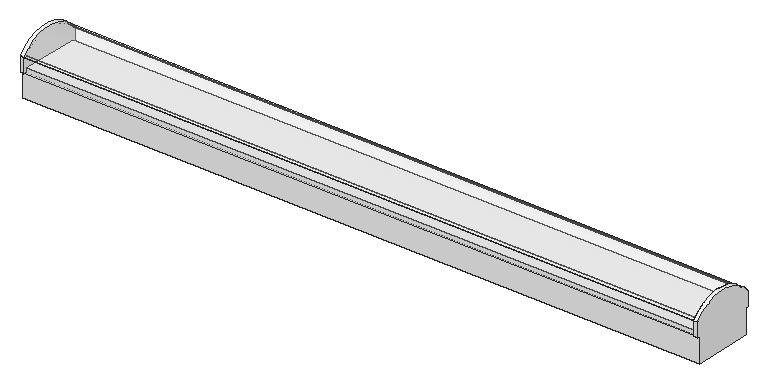
Revit family "LCL", category Lighting Fixtures, host Face, Revit 2012
Parameters (values of type "LCL4-40VL-EDU")
  Lumen Output = "Very High Lumen"
  Wattage = 96 W
  built-in parameter 1150110 = 1 (stored number, unit not read)
  Voltage = 120 V
  Wattage Comments = "Up to 110 lumens per watt"
  URL = "http://www.columbialighting.com/"
  built-in parameter 1114217 = 1 (stored number, unit not read)
  Tilt Angle = -90.00°
  built-in parameter 1150109 = 1 (stored number, unit not read)
  built-in parameter 1150134 = 12
  built-in parameter 1150113 = 1 (stored number, unit not read)
  Product Page URL = "http://www.columbialighting.com/products/lcl/"
  Product Documentation Link = "http://www.columbialighting.com/content/products/specs/specs_files/lcl.pdf"
  Photometric Web File = "LCL4-40VL-EDU.ies"
  Nominal Watts = 96 W
  Model = "LCL"  # constant formula
  Manufacturer Phone = "(864)-678-1000"  # constant formula
  Manufacturer Fax = "(866)-898-1065"  # constant formula
  Manufacturer = "Columbia Lighting"  # constant formula
  Row Length = 48"
  built-in parameter 1150105 = 802.14 (stored number, unit not read)
  Lumens = 10080 lm
  built-in parameter 1150115 = 1 (stored number, unit not read)
  built-in parameter 1150137 = (empty or 0)
  built-in parameter 1150139 = (empty or 0)
  built-in parameter 1150112 = 1 (stored number, unit not read)
  built-in parameter 1150114 = 1 (stored number, unit not read)
  Lamp = "LED Lamp"
  built-in parameter 1150132 = (empty or 0)
  built-in parameter 1150102 = (empty or 0)
  built-in parameter 1150107 = 4000 (stored number, unit not read)
  built-in parameter 1150138 = (empty or 0)
  built-in parameter 1150106 = 8.0214 (stored number, unit not read)
  Glass = White Glass
  Emit from Rectangle Width = 4 1/8"  # constant formula
  Emit from Rectangle Length = Row Length - 1/2"  # 47 1/2"
  Emit Shape Visible in Rendering = no
  built-in parameter 1150104 = 9.7548 (stored number, unit not read)
  Dimming Lamp Color Temperature Shift = <None>
  Description = "Columbia's LCL is an LED striplight with a formed acrylic lens to eliminate pixilation and reduce glare."  # constant formula
  Default Elevation = 48"
  Color Filter = 16777215
  built-in parameter 1114218 = 1 (stored number, unit not read)
  Backbox = White
  built-in parameter 1150133 = 10 (stored number, unit not read)
  Apparent Load = 0 VA
Types (3): name | Lumen Output | Wattage | Photometric Web File | Nominal Watts | built-in parameter 1150105 | Lumens | built-in parameter 1150106 | built-in parameter 1150104
  (no name) | "Very High Lumen" | 96 W | "LCL4-40VL-EDU.ies" | 96 W | 802.14 (stored number, unit not read) | 10080 lm | 8.0214 (stored number, unit not read) | 9.7548 (stored number, unit not read)
  LCL4-40ML-EDU | "Medium Lumen" | 48 W | "LCL4-40ML-EDU.ies" | 48 W | 397.25 (stored number, unit not read) | 4992 lm | 3.9725 (stored number, unit not read) | 9.6619 (stored number, unit not read)
  LCL4-40VL-EDU | "Very High Lumen" | 96 W | "LCL4-40VL-EDU.ies" | 96 W | 802.14 (stored number, unit not read) | 10080 lm | 8.0214 (stored number, unit not read) | 9.7548 (stored number, unit not read)
Reference planes (in)
  plane 1 "Center (Front/Back)": y = 0.03999
  plane 2: z = 0
  plane 3 "Center (Left/Right)": x = 1.66944
  plane 4: x = -22.33056
  plane 5: x = 25.66944
Dimensions and locks (in)
  equal spacing: plane 5, plane 3 "Center (Left/Right)", plane 4
  "Row Length": plane 5 to plane 4
  aligned and locked: plane 2 to host face
  aligned and locked: level to host face
  aligned and locked: plane 3 "Center (Left/Right)" to imposter light
  aligned and locked: imposter light to plane 1 "Center (Front/Back)"
  aligned and locked: plane 3 "Center (Left/Right)" to nested 1
  aligned and locked: plane 1 "Center (Front/Back)" to nested 1
Automatic sketch dimensions
  host sketch curve to host sketch curve = 96"  (x2)
Nested families (in)
  nested 1: "LED Striplight" at (3.71711, 0, 0), Glass <- "Glass", Backbox <- "Backbox", Row Length <- "Row Length", type "LED Striplight"
    with Row Length 48", Glass White Glass, Backbox White
Definition of nested family "LED Striplight"
  Parameters (values of type "LED Striplight")
    Wattage Comments = ""
    URL = ""
    Row Length [instance] = 96"
    Product Page URL = ""
    Product Documentation Link = ""
    Model = ""
    Manufacturer Phone = "(864)-678-1000"  # constant formula
    Manufacturer Fax = "(866)-898-1065"  # constant formula
    Manufacturer = ""
    Lamp = ""
    Glass [instance] = White Glass
    Description = ""
    Default Elevation = 48"
    Backbox [instance] = White
  Reference planes (in)
    plane 1 "Center (Front/Back)": y = 0.03999
    plane 2: z = 0
    plane 3 "Center (Left/Right)": x = -2.04767
    plane 4: x = -50.04767
    plane 5: x = 45.95233
    plane 6: x = -49.79767
    plane 7: x = 45.70233
    plane 8: z = 3.8125
    plane 9: y = 2.10249
    plane 10: y = -2.02251
    plane 11: y = 2.28999
    plane 12: y = -2.21001
    plane 13: z = 1.75
    plane 14: z = 2
  Forms (in)
    Extrusion 1, solid
      sketch origin (0, 0, 0.06357) x (1, 0, 0) y (0, 1, 0)
        loop
          line (-48, 48) -> (-48, -48) -> (48, -48) -> (48, 48) -> (-48, 48)
      from -0.06357 to -17.74365
    Extrusion 2, solid, material "White" <- "Backbox"
      sketch origin (-2.04767, 0, 0) x (0, 1, 0) y (0, 0, 1)
        loop
          line (2.28999, 1.75) -> (2.28999, 2.75)
          arc (2.28999, 2.75) -> (0.03999, 3.8125) -> (-2.21001, 2.75) r 2.9136
          line (-2.21001, 2.75) -> (-2.21001, 1.75) -> (-2.02251, 1.75) -> (-2.02251, 0) -> (2.10249, 0) -> (2.10249, 1.75) -> (2.28999, 1.75)
      from 47.75 to 48
    Extrusion 3, solid, material "White" <- "Backbox"
      sketch origin (-2.04767, 0, 0) x (0, 1, 0) y (0, 0, 1)
        loop
          line (-2.21001, 2.75) -> (-2.21001, 1.75) -> (-2.02251, 1.75) -> (-2.02251, 0) -> (2.10249, 0) -> (2.10249, 1.75) -> (2.28999, 1.75) -> (2.28999, 2.75)
          arc (2.28999, 2.75) -> (0.03999, 3.8125) -> (-2.21001, 2.75) r 2.9136
      from -48 to -47.75
    Extrusion 4, solid, material "White" <- "Backbox"
      sketch origin (-2.04767, 0, 0) x (0, 1, 0) y (0, 0, 1)
        loop
          line (2.10249, 2) -> (-2.02251, 2) -> (-2.02251, 0) -> (2.10249, 0) -> (2.10249, 2)
      from -47.75 to 47.75
    Extrusion 5, solid, material "White Glass" <- "Glass"
      sketch origin (-2.04767, 0, 0) x (0, 1, 0) y (0, 0, 1)
        loop
          line (2.10249, 1.75) -> (2.28999, 1.75) -> (2.28999, 2.75)
          arc (2.28999, 2.75) -> (0.03999, 3.8125) -> (-2.21001, 2.75) r 2.9136
          line (-2.21001, 2.75) -> (-2.21001, 1.75) -> (-2.02251, 1.75) -> (-2.02251, 2.81265)
          arc (-2.02251, 2.81265) -> (0.03999, 3.7125) -> (2.10249, 2.81265) r 2.8136
          line (2.10249, 2.81265) -> (2.10249, 1.75)
      from -47.75 to 47.75
  Cuts and joins
    joined: Extrusion 2, Extrusion 3, Extrusion 4
  Dimensions and locks (in)
    equal spacing: plane 5, plane 3 "Center (Left/Right)", plane 4
    locked: plane 6 to plane 4 at 0.25
    "Row Length": plane 5 to plane 4
    equal spacing: plane 7, plane 3 "Center (Left/Right)", plane 6
    locked: plane 8 to plane 2 at 3.8125
    equal spacing: plane 9, plane 1 "Center (Front/Back)", plane 10
    locked: plane 9 to plane 10 at 4.125
    equal spacing: plane 11, plane 1 "Center (Front/Back)", plane 12
    plane 11 to plane 12 = 4 1/2"
    locked: plane 11 to plane 1 "Center (Front/Back)" at 2.25
    locked: plane 13 to plane 2 at 1.75
    locked: plane 14 to plane 2 at 2
    locked: Extrusion 2 sketch curve to Extrusion 1 at 2.75  (x2)
    radius of Extrusion 5 sketch curve = 2.8136"
    aligned and locked: plane 2 to Extrusion 1
    aligned and locked: level to Extrusion 1
    aligned and locked: Extrusion 2 sketch curve to plane 2
    aligned and locked: Extrusion 2 sketch curve to plane 9
    aligned and locked: Extrusion 2 sketch curve to plane 13  (x2)
    aligned and locked: Extrusion 2 sketch curve to plane 11
    aligned and locked: plane 12 to Extrusion 2 sketch curve
    aligned and locked: plane 10 to Extrusion 2 sketch curve
    aligned and locked: plane 5 to Extrusion 2
    aligned and locked: Extrusion 2 to plane 7
    aligned and locked: Extrusion 3 sketch curve to Extrusion 2  (x8)
    aligned and locked: Extrusion 3 to plane 4
    aligned and locked: plane 6 to Extrusion 3
    aligned and locked: plane 14 to Extrusion 4 sketch curve
    aligned and locked: Extrusion 4 sketch curve to plane 9
    aligned and locked: Extrusion 4 sketch curve to Extrusion 2  (x2)
    aligned and locked: Extrusion 4 to plane 6
    aligned and locked: plane 7 to Extrusion 4
    aligned and locked: Extrusion 5 sketch curve to Extrusion 3
    aligned and locked: plane 7 to Extrusion 5
    aligned and locked: Extrusion 5 to plane 6
  Automatic sketch dimensions
    Extrusion 1 sketch curve to Extrusion 1 sketch curve = 96"  (x2)
    Extrusion 2 sketch curve to plane 13 = 0.8511"
    Extrusion 5 sketch curve to plane 9 = 0"
    Extrusion 5 sketch curve to plane 13 = 0"  (x2)
    Extrusion 5 sketch curve to plane 12 = 0"
    Extrusion 5 sketch curve to plane 11 = 0"
    Extrusion 5 sketch curve to plane 10 = 0"
    Extrusion 5 sketch curve to Extrusion 5 sketch curve = 0"  (x2)
